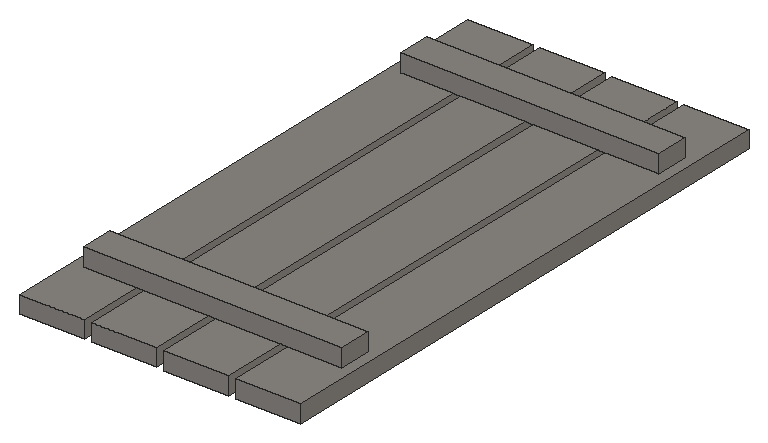
Revit family "Shutter-Wood-Fypon-Plank", category Specialty Equipment, host Face, Revit 2026
Family settings
  Host = Face
  Round Connector Dimension = Use Diameter
  Part Type = Normal
  Classification Number = 23.30.60.11.14
  Enable Cutting in Views = No
  Cut with Voids When Loaded = No
  Maintain Annotation Orientation = No
  Shared = No
  Room Calculation Point = No
Parameters (values of type "default load type catalog")
  Z Batten = no
  Width = 2' - 0"
  URL = "http://www.fypon.com/default.asp"
  Type Comments = "default load type catalog"
  Specification = "http://www.fypon.com/csi-specification.aspx"
  Product Page URL = "http://www.fypon.com/products/shutters.asp"
  Product Name = "Plank Shutter"  # constant formula
  Product Documentation Link = "http://www.fypon.com/docs/17_TimberStoneCatalog.pdf"
  Model = "default loat type catalog"
  Manufacturer = "Fypon"  # constant formula
  Height = 4' - 0"
  Gap = if([2 Board], Width - (Board Width * 2), if([3 Board], (Width - (Board Width * 3)) / 2, (Width - (Board Width * 4)) / 3))  # 0' - 0.66667"
  Finish = Wood-Fypon-Rough_Sawn
  End Batten Offset = 0' - 5 77/128"  # constant formula
  Description = "Rough Sawn Cedar Shutters"  # constant formula
  Default Elevation = 4' - 0"
  Board Width = 0' - 5 1/2"  # constant formula
  Board Depth = 0' - 1 1/2"  # constant formula
  Assembly Code = "B20"
  4 Board = or(Width = 2' 0", Width > 2' 0")  # yes
  3rd Board = or([3 Board], [4 Board])  # yes
  3 Board = or(Width = 1' 2", and(Width < 2' 0", Width > 1' 2"))  # no
  3 Batten = no
  2 Board = Width < 1' 2"  # no
  2 Batten = yes
Reference planes (in)
  plane 1 "Center (Front/Back)": y = 0
  plane 2: z = 0
  plane 3 "Center (Left/Right)": x = 0
  plane 4 "Left": x = -12
  plane 5 "Right": x = 12
  plane 6 "Top": y = 24
  plane 7 "Bottom": y = -24
  plane 8: z = 1.5
  plane 9 "Front": z = 3
  plane 10 "Board 2 - Left": x = -5.83333
  plane 11 "Board 2 - Right": x = -0.33333
  plane 12 "Board 3 - Left": x = 0.33333
  plane 13 "Board 3 - Right": x = 5.83333
  plane 14 "Top Batten": y = 18.39844
  plane 15 "Bottom Batten": y = -18.39844
  plane 16 "Board 1": x = -6.5
  plane 17 "Board 4 - Left": x = 6.5
  plane 18 "Board 4 - Right": x = 12
Forms (in)
  Extrusion 1, solid, material "Wood-Fypon-Rough_Sawn" <- "Finish", detail levels fine
    sketch origin (0, 0, 0) x (1, 0, 0) y (0, 1, 0)
      loop
        line (-12, -24) -> (-6.5, -24) -> (-6.5, 24) -> (-12, 24) -> (-12, -24)
    from 0 to 1.5
  Extrusion 2, solid, material "Wood-Fypon-Rough_Sawn" <- "Finish", detail levels fine
    sketch origin (0, 0, 0) x (1, 0, 0) y (0, 1, 0)
      loop
        line (-5.83333, -24) -> (-0.33333, -24) -> (-0.33333, 24) -> (-5.83333, 24) -> (-5.83333, -24)
    from 0 to 1.5
  Extrusion 3, solid, material "Wood-Fypon-Rough_Sawn" <- "Finish", visible <- "3rd Board", detail levels fine
    sketch origin (0, 0, 0) x (1, 0, 0) y (0, 1, 0)
      loop
        line (0.33333, -24) -> (5.83333, -24) -> (5.83333, 24) -> (0.33333, 24) -> (0.33333, -24)
    from 0 to 1.5
  Extrusion 4, solid, material "Wood-Fypon-Rough_Sawn" <- "Finish", visible <- "4 Board", detail levels fine
    sketch origin (0, 0, 0) x (1, 0, 0) y (0, 1, 0)
      loop
        line (6.5, -24) -> (12, -24) -> (12, 24) -> (6.5, 24) -> (6.5, -24)
    from 0 to 1.5
  Extrusion 5, solid, material "Wood-Fypon-Rough_Sawn" <- "Finish", detail levels medium+fine
    sketch origin (0, 0, 0) x (1, 0, 0) y (0, 1, 0)
      loop
        line (-11.04, 15.59844) -> (11.04, 15.59844) -> (11.04, 18.39844) -> (-11.04, 18.39844) -> (-11.04, 15.59844)
      loop
        line (-11.04, -15.59844) -> (-11.04, -18.39844) -> (11.04, -18.39844) -> (11.04, -15.59844) -> (-11.04, -15.59844)
    from 1.5 to 3
  Extrusion 6, solid, material "Wood-Fypon-Rough_Sawn" <- "Finish", visible <- "3 Batten", detail levels medium+fine
    sketch origin (0, 0, 0) x (1, 0, 0) y (0, 1, 0)
      loop
        line (-11.04, 1.4) -> (-11.04, -1.4) -> (11.04, -1.4) -> (11.04, 1.4) -> (-11.04, 1.4)
    from 1.5 to 3
  Extrusion 7, solid, material "Wood-Fypon-Rough_Sawn" <- "Finish", visible <- "Z Batten", detail levels medium+fine
    sketch origin (0, 0, 0) x (1, 0, 0) y (0, 1, 0)
      loop
        line (-7.77062, -15.59844) -> (11.03497, 15.59844) -> (7.76559, 15.59844) -> (-11.04, -15.59844) -> (-7.77062, -15.59844)
    from 1.5 to 3
  Extrusion 8, solid, material "Wood-Fypon-Rough_Sawn" <- "Finish", detail levels coarse+medium
    sketch origin (0, 0, 0) x (1, 0, 0) y (0, 1, 0)
      loop
        line (-12, -24) -> (12, -24) -> (12, 24) -> (-12, 24) -> (-12, -24)
    from 0 to 1.5
Dimensions and locks (in)
  equal spacing: plane 6 "Top", plane 1 "Center (Front/Back)", plane 7 "Bottom"
  "Height": plane 6 "Top" to plane 7 "Bottom"
  equal spacing: plane 4 "Left", plane 3 "Center (Left/Right)", plane 5 "Right"
  "Width": plane 4 "Left" to plane 5 "Right"
  "Board Depth": plane 8 to level
  locked: plane 14 "Top Batten" to Extrusion 5 sketch curve at 2.8
  plane 4 "Left" to Extrusion 5 sketch curve to Extrusion 5 sketch curve = 0' - 0.96" locked, 0' - 0" locked
  Extrusion 5 sketch curve to Extrusion 5 sketch curve to plane 5 "Right" = 0' - 0" locked, 0' - 0.96" locked
  "End Batten Offset": plane 6 "Top" to plane 14 "Top Batten"
  "End Batten Offset": plane 15 "Bottom Batten" to plane 7 "Bottom"
  locked: Extrusion 5 sketch curve to plane 15 "Bottom Batten" at 2.8
  "Board Depth": plane 9 "Front" to plane 8
  Extrusion 6 sketch curve to plane 1 "Center (Front/Back)" to Extrusion 6 sketch curve = 0' - 1.4" locked, 0' - 1.4" locked
  locked: plane 4 "Left" to Extrusion 6 sketch curve at 0.96
  locked: Extrusion 6 sketch curve to plane 5 "Right" at 0.96
  locked: Extrusion 7 sketch curve to plane 15 "Bottom Batten" at 2.8
  locked: plane 14 "Top Batten" to Extrusion 7 sketch curve at 2.8
  locked: Extrusion 7 sketch curve to plane 5 "Right" at 0.96503
  locked: plane 4 "Left" to Extrusion 7 sketch curve at 0.96
  locked: Extrusion 7 sketch curve to Extrusion 7 sketch curve at 2.8
  "Board Width": plane 4 "Left" to plane 16 "Board 1"
  "Gap": plane 16 "Board 1" to plane 10 "Board 2 - Left"
  "Board Width": plane 10 "Board 2 - Left" to plane 11 "Board 2 - Right"
  "Board Width": plane 12 "Board 3 - Left" to plane 13 "Board 3 - Right"
  "Gap": plane 11 "Board 2 - Right" to plane 12 "Board 3 - Left"
  "Gap": plane 13 "Board 3 - Right" to plane 17 "Board 4 - Left"
  "Board Width": plane 17 "Board 4 - Left" to plane 18 "Board 4 - Right"
  aligned and locked: plane 2 to host face
  aligned and locked: level to host face
  aligned and locked: Extrusion 1 sketch curve to plane 7 "Bottom"
  aligned and locked: plane 4 "Left" to Extrusion 1 sketch curve
  aligned and locked: plane 6 "Top" to Extrusion 1 sketch curve
  aligned and locked: Extrusion 1 to level
  aligned and locked: plane 8 to Extrusion 1
  aligned and locked: plane 10 "Board 2 - Left" to Extrusion 2 sketch curve
  aligned and locked: plane 6 "Top" to Extrusion 2 sketch curve
  aligned and locked: Extrusion 2 sketch curve to plane 11 "Board 2 - Right"
  aligned and locked: Extrusion 2 sketch curve to plane 7 "Bottom"
  aligned and locked: Extrusion 2 to level
  aligned and locked: plane 8 to Extrusion 2
  aligned and locked: plane 6 "Top" to Extrusion 3 sketch curve
  aligned and locked: Extrusion 3 sketch curve to plane 7 "Bottom"
  aligned and locked: Extrusion 3 to level
  aligned and locked: plane 8 to Extrusion 3
  aligned and locked: plane 6 "Top" to Extrusion 4 sketch curve
  aligned and locked: Extrusion 4 sketch curve to plane 7 "Bottom"
  aligned and locked: Extrusion 4 to level
  aligned and locked: plane 8 to Extrusion 4
  aligned and locked: plane 14 "Top Batten" to Extrusion 5 sketch curve
  aligned and locked: Extrusion 5 to plane 8
  aligned and locked: plane 9 "Front" to Extrusion 5
  aligned and locked: plane 15 "Bottom Batten" to Extrusion 5 sketch curve
  aligned and locked: Extrusion 6 to plane 8
  aligned and locked: plane 9 "Front" to Extrusion 6
  aligned and locked: Extrusion 7 to plane 8
  aligned and locked: plane 9 "Front" to Extrusion 7
  aligned and locked: plane 4 "Left" to Extrusion 8 sketch curve
  aligned and locked: Extrusion 8 sketch curve to plane 5 "Right"
  aligned and locked: plane 6 "Top" to Extrusion 8 sketch curve
  aligned and locked: Extrusion 8 sketch curve to plane 7 "Bottom"
  aligned and locked: Extrusion 8 to level
  aligned and locked: plane 8 to Extrusion 8
  aligned and locked: plane 17 "Board 4 - Left" to Extrusion 4 sketch curve
  aligned and locked: plane 18 "Board 4 - Right" to Extrusion 4 sketch curve
  aligned and locked: Extrusion 3 sketch curve to plane 13 "Board 3 - Right"
  aligned and locked: plane 12 "Board 3 - Left" to Extrusion 3 sketch curve
  aligned and locked: Extrusion 1 sketch curve to plane 16 "Board 1"
Automatic sketch dimensions
  host sketch curve to host sketch curve = 8' - 0"  (x2)
